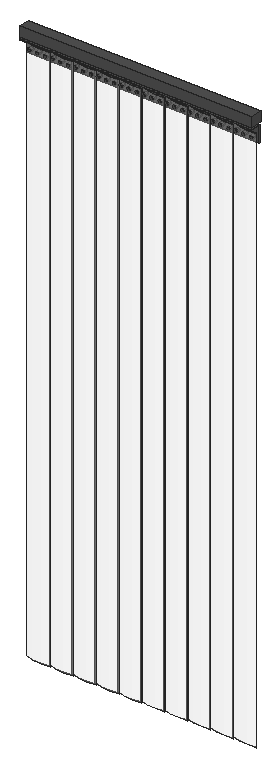
Revit family "Door_ClearStrip_SuperSeal_9010-4", category Doors, host Wall, Revit 2011
Parameters (values of type "ByType")
  Wind Load = ""
  Water Penetration = ""
  Strip Height = Rough Height + 0' 1 1/2"  # 7' - 1 1/2"
  Sound Transmission Class (STC) = 0
  RO Offset = 0' - 0"
  Panel Material = Fabric - Vinyl - Super Seal - Transparent
  Panel Height = 6' - 0"
  Manufacturer Phone = "800-337-3239 "
  Function = Interior
  Frame Thickness = 0' - 5"
  Frame Finish = Metal - Steel - Super Seal - Painted - Black
  Building Code Conformance = ""
  Air Infiltration = ""
  ASTM Conformance = ""
  Panel Width = 2' - 0"
  Warranty Duration (Years) = 0
  URL = "http://www.supersealmfg.com/"
  Thickness = 0' - 0 1/4"
  Test Data = ""
  Specification = ""
  SpecWizard = ""
  Send Message = "http://www.arcat.com/users.pl?action=UserEmail&company=Super-Seal%20Mfg.%20Ltd&coid=44693&rep=119&fax=905-850-4440 &mf="
  Sales Information = "http://www.supersealmfg.com/ContactUs.htm"
  Rough Width = (Width + (RO Offset * 2))  # 3' - 0"
  Rough Height = (Height + (RO Offset))  # 7' - 0"
  R_Value = 0
  Product Properties = ""
  Product Data = "http://arcat.com/arcatcos/cos44/arc44693.html?isac=1&r=1"
  Manufacturer Website = "http://www.supersealmfg.com/"
  Manufacturer Phone - Toll Free = "800-337-3239 "
  Manufacturer Fax = "905-850-4440 "
  Manufacturer Address = "670 Rowntree Dairy Rd. Woodbridge , ON, Canada L4L-5T8"
  Maintenance Schedule (Months) = 0
  Installation-Fabrication = ""
  Installation Phase = ""
  Green Building-LEED = ""
  Model = "As Specified"
  Manufacturer = "Super-Seal Mfg. Ltd"
  Keynote = "08300"
  Height = 7' - 0"
  Wall Closure = By host
  Width = 3' - 0"
  Fire Rating = "As Specified"
  Expected Lifespan (Years) = 0
  Drawn By = "Sumex Design, Inc. / Robert S. Weygant, CSI, CDT, SCIP"
  Description = "Super Seal "
  Copyright = "©Arcat Inc."
  Construction Details = "http://arcat.com/details/supersea/supersea.html?coid=44693"
  Building Codes = ""
  Assembly Code = ""
  ADA Compliant = yes
  AAMA Designation = ""
Reference planes (in)
  plane 1 "Center (Front/Back)": y = -33.96225
  plane 2 "Center (Left/Right)": x = 64.28704
  plane 3: z = 0
  plane 4 "Right": x = 82.28704
  plane 5 "Left": x = 46.28704
  plane 6 "Closure": y = -35.96225
  plane 7: z = 0
  plane 8 "Top of Frame": z = 84
  plane 9 "RO Top": z = 84
  plane 10 "RO Right": x = 82.28704
  plane 11 "RO Left": x = 46.28704
  plane 12: x = 106.28704
  plane 13: z = 48
Forms (in)
  Extrusion 1, solid, material "Metal - Steel - Super Seal - Painted - Black" <- "Frame Finish"
    sketch origin (46.28704, 0, 0) x (0, 0, 1) y (0, 1, 0)
      loop
        line (84, -36.21225) -> (84, -36.33725) -> (86.375, -36.33725) -> (86.375, -37.71225) -> (86.5, -37.71225) -> (86.5, -36.21225) -> (84, -36.21225)
    from 0 to -36
  Extrusion 2, solid, material "Metal - Steel - Super Seal - Painted - Black" <- "Frame Finish"
    sketch origin (46.28704, 0, 0) x (0, 0, 1) y (0, 1, 0)
      loop
        line (86.75, -35.96225) -> (86.75, -37.71225) -> (88.25, -37.71225) -> (88.25, -35.96225) -> (86.75, -35.96225)
    from 0 to -36
Lines and regions (in)
  Opening 1
    outline origin (-109.33485, -35.96225, 0) x (1, 0, 0) y (0, 0, 1)
      loop
        line (155.62189, 0) -> (191.62189, 0) -> (191.62189, 84) -> (155.62189, 84) -> (155.62189, 0)
Text (in)
  text "Exterior" at (36.47868, -4.19089, 0), in view "A101 - Plan View"
  text "Interior" at (36.47868, -56.64559, 0), in view "A101 - Plan View"
  text "Exterior" at (0, -17.98638, 123.01588), in view "Right"
  text "Interior" at (0, -64.39139, 123.01588), in view "Right"
  text "Interior" at (0, -52.09468, 121.14095), in view "Left"
  text "Exterior" at (0, 26.35325, 123.00693), in view "Left"
Dimensions and locks (in)
  equal spacing: plane 4 "Right", plane 2 "Center (Left/Right)", plane 5 "Left"
  "Width": plane 5 "Left" to plane 4 "Right"
  "Height": level to plane 8 "Top of Frame"
  "RO Offset": plane 5 "Left" to plane 11 "RO Left"
  "RO Offset": plane 10 "RO Right" to plane 4 "Right"
  "RO Offset": plane 9 "RO Top" to plane 8 "Top of Frame"
  locked: plane 13 to level at 48
  locked: plane 4 "Right" to plane 12 at 24
  locked: host wall to nested 1 at 0.375
  aligned and locked: host wall to plane 1 "Center (Front/Back)"
  aligned and locked: host wall to plane 6 "Closure"
  aligned and locked: Opening 1 sketch curve to level
  aligned and locked: plane 10 "RO Right" to Opening 1 sketch curve
  aligned and locked: Opening 1 sketch curve to plane 9 "RO Top"
  aligned and locked: plane 11 "RO Left" to Opening 1 sketch curve
  aligned and locked: plane 2 "Center (Left/Right)" to nested 1
  aligned and locked: Extrusion 1 to plane 4 "Right"
  aligned and locked: Extrusion 2 to plane 4 "Right"
Automatic sketch dimensions
  host wall to Extrusion 1 sketch curve = 0' - 0 1/4"
  Extrusion 1 sketch curve to plane 9 "RO Top" = 0' - 0"
  plane 9 "RO Top" to Extrusion 1 sketch curve = 0' - 2 3/8"
  Extrusion 1 sketch curve to Extrusion 1 sketch curve = 0' - 0 1/8"
  host wall to Extrusion 1 sketch curve = 0' - 0 3/8"
  Extrusion 1 sketch curve to Extrusion 1 sketch curve = 0' - 1 3/8"
  Extrusion 2 sketch curve to host wall = 0' - 0"
  plane 9 "RO Top" to Extrusion 2 sketch curve = 0' - 2 3/4"
  Extrusion 2 sketch curve to Extrusion 2 sketch curve = 0' - 1 1/2"
  host wall to Extrusion 2 sketch curve = 0' - 1 3/4"
Nested families (in)
  nested 1: "Door_ClearStrip" at (64.28704, -36.58725, 0), Material <- "Panel Material", Unit Width <- "Width", Unit Height <- "Strip Height", type "Door_ClearStrip"
    with offset 0' - 0", Unit Width 3' - 0", Unit Height 7' - 1 1/2", Strips 10, Material Fabric - Vinyl - Super Seal - Transparent
Definition of nested family "Door_ClearStrip"
  Parameters
    offset [instance] = 0' - 0"
    Warranty Duration (Years) = 0
    Unit Width [instance] = 3' - 1 1/2"
    Unit Height [instance] = 6' - 0"
    Unit Depth = 0' - 0 1/2"
    URL = "http://www.supersealmfg.com/"
    Strips [instance] = Unit Width / 0' 3 3/4"  # 10
    Specification = ""
    SpecWizard = ""
    Send Message = "http://www.arcat.com/users.pl?action=UserEmail&company=Super-Seal%20Mfg.%20Ltd&coid=44693&rep=119&fax=905-850-4440 &mf="
    Sales Information = "http://www.supersealmfg.com/ContactUs.htm"
    Revision = "R1_07-2011"
    Product Properties = ""
    Product Data = "http://arcat.com/arcatcos/cos44/arc44693.html?isac=1&r=1"
    Model = "As Specified"
    Material [instance] = none
    Manufacturer Website = "http://www.supersealmfg.com/"
    Manufacturer Phone - Toll Free = "800-337-3239 "
    Manufacturer Phone = "800-337-3239 "
    Manufacturer Fax = "905-850-4440 "
    Manufacturer Address = "670 Rowntree Dairy Rd. Woodbridge , ON, Canada L4L-5T8"
    Manufacturer = "Super-Seal Mfg. Ltd"
    Maintenance Schedule (Months) = 0
    Keynote = ""
    Installation-Fabrication = ""
    Installation Phase = ""
    Green Building-LEED = ""
    Expected Lifespan (Years) = 0
    Drawn By = "Sumex Design, Inc. / Robert S. Weygant, CSI, CDT, SCIP"
    Description = "Super Seal"
    Copyright = "©Arcat Inc."
    Construction Details = "http://arcat.com/details/supersea/supersea.html?coid=44693"
    Assembly Code = ""
  Reference planes (in)
    plane 1 "Center (Front/Back)": y = 0
    plane 2 "Bottom": z = 0
    plane 3 "Center (Left/Right)": x = 0
    plane 4 "Front": y = -0.25
    plane 5 "Back": y = 0.25
    plane 6 "Left": x = -18.75
    plane 7 "Right": x = 18.75
    plane 8 "Top": z = 72
  Dimensions and locks (in)
    equal spacing: plane 6 "Left", plane 3 "Center (Left/Right)", plane 7 "Right"
    "Unit Width": plane 6 "Left" to plane 7 "Right"
    equal spacing: plane 5 "Back", plane 1 "Center (Front/Back)", plane 4 "Front"
    "Unit Height": plane 8 "Top" to level
    "Unit Depth": plane 5 "Back" to plane 4 "Front"
    equal spacing: group 1, group 3, group 4, group 5, group 6, group 7, group 8, group 9, group 10, group 2  (x3)
    aligned and locked: plane 6 "Left" to nested 1
    aligned and locked: plane 7 "Right" to nested 2
    aligned and locked: plane 1 "Center (Front/Back)" to nested 2
    aligned and locked: plane 1 "Center (Front/Back)" to nested 1
  Nested families (in)
    nested 1: "Clear Strip" at (-16.75, 0, 0), Material <- "Material", Unit Height <- "Unit Height", type "Clear Strip"
      with offset 0' - 0", Unit Height 6' - 0", Material none
    nested 2: "Clear Strip" at (16.75, 0, 0), Material <- "Material", Unit Height <- "Unit Height", type "Clear Strip"
      with offset 0' - 0", Unit Height 6' - 0", Material none
    nested 3: "Clear Strip" at (-13.02778, 0, 0), Material <- "Material", Unit Height <- "Unit Height", type "Clear Strip"
      with offset 0' - 0", Unit Height 6' - 0", Material none
    nested 4: "Clear Strip" at (-9.30556, 0, 0), Material <- "Material", Unit Height <- "Unit Height", type "Clear Strip"
      with offset 0' - 0", Unit Height 6' - 0", Material none
    nested 5: "Clear Strip" at (-5.58333, 0, 0), Material <- "Material", Unit Height <- "Unit Height", type "Clear Strip"
      with offset 0' - 0", Unit Height 6' - 0", Material none
    nested 6: "Clear Strip" at (-1.86111, 0, 0), Material <- "Material", Unit Height <- "Unit Height", type "Clear Strip"
      with offset 0' - 0", Unit Height 6' - 0", Material none
    nested 7: "Clear Strip" at (1.86111, 0, 0), Material <- "Material", Unit Height <- "Unit Height", type "Clear Strip"
      with offset 0' - 0", Unit Height 6' - 0", Material none
    nested 8: "Clear Strip" at (5.58333, 0, 0), Material <- "Material", Unit Height <- "Unit Height", type "Clear Strip"
      with offset 0' - 0", Unit Height 6' - 0", Material none
    nested 9: "Clear Strip" at (9.30556, 0, 0), Material <- "Material", Unit Height <- "Unit Height", type "Clear Strip"
      with offset 0' - 0", Unit Height 6' - 0", Material none
    nested 10: "Clear Strip" at (13.02778, 0, 0), Material <- "Material", Unit Height <- "Unit Height", type "Clear Strip"
      with offset 0' - 0", Unit Height 6' - 0", Material none
  Definition of nested family "Clear Strip"
    Parameters
      offset [instance] = 0' - 0"
      Warranty Duration (Years) = 0
      Unit Width = 0' - 4"
      Unit Height [instance] = 6' - 0"
      Unit Depth = 0' - 0 1/2"
      URL = "http://www.supersealmfg.com/"
      Specification = ""
      SpecWizard = ""
      Send Message = "http://www.arcat.com/users.pl?action=UserEmail&company=Super-Seal%20Mfg.%20Ltd&coid=44693&rep=119&fax=905-850-4440 &mf="
      Sales Information = "http://www.supersealmfg.com/ContactUs.htm"
      Revision = "R1_07-2011"
      Product Properties = ""
      Product Data = "http://arcat.com/arcatcos/cos44/arc44693.html?isac=1&r=1"
      Model = "As Specified"
      Material [instance] = none
      Manufacturer Website = "http://www.supersealmfg.com/"
      Manufacturer Phone - Toll Free = "800-337-3239 "
      Manufacturer Phone = "800-337-3239 "
      Manufacturer Fax = "905-850-4440 "
      Manufacturer Address = "670 Rowntree Dairy Rd. Woodbridge , ON, Canada L4L-5T8"
      Manufacturer = "Super-Seal Mfg. Ltd"
      Maintenance Schedule (Months) = 0
      Keynote = ""
      Installation-Fabrication = ""
      Installation Phase = ""
      Green Building-LEED = ""
      Expected Lifespan (Years) = 0
      Drawn By = "Sumex Design, Inc. / Robert S. Weygant, CSI, CDT, SCIP"
      Description = "Super Seal"
      Copyright = "©Arcat Inc."
      Construction Details = "http://arcat.com/details/supersea/supersea.html?coid=44693"
      Assembly Code = ""
    Reference planes (in)
      plane 1 "Center (Front/Back)": y = 0
      plane 2 "Bottom": z = 0
      plane 3 "Center (Left/Right)": x = 0
      plane 4 "Front": y = -0.25
      plane 5 "Back": y = 0.25
      plane 6 "Left": x = -2
      plane 7 "Right": x = 2
      plane 8 "Top": z = 72
    Forms (in)
      Extrusion 1, solid, material <- "Material"
        sketch origin (0, 0, 0) x (1, 0, 0) y (0, 1, 0)
          loop
            line (-2, 0.25) -> (-2.02074, 0.19104)
            arc (-2.02074, 0.19104) -> (-0.02752, -0.23954) -> (2.01019, -0.16162) r 8.14638
            line (2.01019, -0.16162) -> (2, -0.09995)
            arc (2, -0.09995) -> (-0.02207, -0.17728) -> (-2, 0.25) r 8.08388
        from 0 to 72
      Extrusion 2, solid, material "Metal - Steel - Super Seal - Painted - Black", detail levels medium+fine
        sketch origin (0, 0, 0) x (1, 0, 0) y (0, 0, 1)
          loop
            circle (-1.25, 71.25) r 0.25
          loop
            circle (0, 71.25) r 0.25
          loop
            circle (1.25, 71.25) r 0.25
        from -0.25 to 0.25
    Dimensions and locks (in)
      equal spacing: plane 6 "Left", plane 3 "Center (Left/Right)", plane 7 "Right"
      "Unit Width": plane 6 "Left" to plane 7 "Right"
      equal spacing: plane 5 "Back", plane 1 "Center (Front/Back)", plane 4 "Front"
      "Unit Height": plane 8 "Top" to level
      "Unit Depth": plane 5 "Back" to plane 4 "Front"
      aligned and locked: plane 8 "Top" to Extrusion 1
      aligned and locked: plane 5 "Back" to Extrusion 2
      aligned and locked: Extrusion 2 to plane 4 "Front"
    Automatic sketch dimensions
      Extrusion 1 sketch curve to Extrusion 1 sketch curve = 0' - 0"  (x2)
      Extrusion 1 sketch curve to plane 5 "Back" = 0' - 0"
      Extrusion 1 sketch curve to plane 6 "Left" = 0' - 0"
      Extrusion 1 sketch curve to plane 7 "Right" = 0' - 0"
      Extrusion 1 sketch curve to plane 6 "Left" = 0' - 0.02074"
      plane 3 "Center (Left/Right)" to Extrusion 1 sketch curve = 0' - 0.68248"
      plane 7 "Right" to Extrusion 1 sketch curve = 0' - 0.01019"
      Extrusion 1 sketch curve to plane 5 "Back" = 0' - 0.05896"
      plane 1 "Center (Front/Back)" to Extrusion 1 sketch curve = 0' - 0.09995"
      Extrusion 2 sketch curve to plane 3 "Center (Left/Right)" = 0' - 0"
      plane 6 "Left" to Extrusion 2 sketch curve = 0' - 0 3/4"
      Extrusion 2 sketch curve to plane 7 "Right" = 0' - 0 3/4"
      Extrusion 2 sketch curve to plane 8 "Top" = 0' - 0 3/4"  (x3)
      radius of Extrusion 2 sketch curve = 0' - 0 1/4"  (x3)
